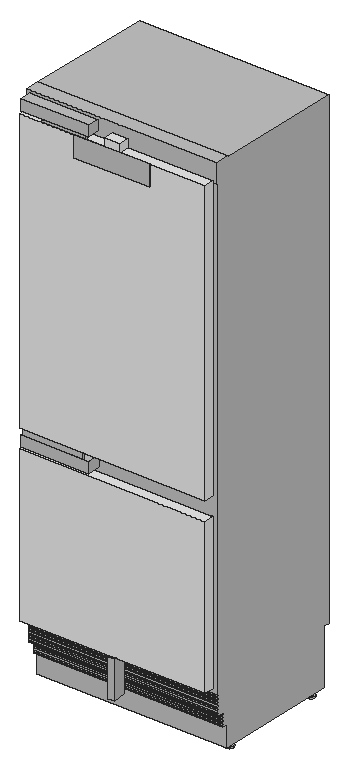
Revit family "FP_Revit_18_RS3084WLU1_Fridge_90001081A", category Specialty Equipment, Revit 2018 (continued)
Definition of nested family "Handle Professional Square - Horizontal"
  Dimensions and locks
    plane 7 "RHS Standoff" to plane 5 "Product RHS" = 50 mm
    aligned and locked: level to plane 2
    aligned and locked: plane 5 "Product RHS" to Extrusion 1 sketch curve
    aligned and locked: Extrusion 1 sketch curve to plane 1 "Center (Front/Back)"
    aligned and locked: plane 1 "Center (Front/Back)" to Extrusion 1 sketch curve
    aligned and locked: Extrusion 1 sketch curve to plane 6 "LHS Standoff"
    aligned and locked: Extrusion 1 sketch curve to plane 7 "RHS Standoff"
    aligned and locked: plane 7 "RHS Standoff" to Extrusion 2
    aligned and locked: Extrusion 2 to plane 6 "LHS Standoff"
    aligned and locked: plane 5 "Product RHS" to Extrusion 7 sketch curve
    aligned and locked: Extrusion 7 sketch curve to plane 7 "RHS Standoff"
    aligned and locked: plane 6 "LHS Standoff" to Extrusion 7 sketch curve
    aligned and locked: plane 4 "Product LHS" to Extrusion 7 sketch curve
    aligned and locked: Extrusion 7 sketch curve to plane 1 "Center (Front/Back)"
    aligned and locked: plane 1 "Center (Front/Back)" to Extrusion 7 sketch curve
  Automatic sketch dimensions
    Extrusion 1 sketch curve to plane 4 "Product LHS" = 0 mm
    Extrusion 1 sketch curve to plane 4 "Product LHS" = 10 mm
    plane 5 "Product RHS" to Extrusion 1 sketch curve = 10 mm
    Extrusion 1 sketch curve to Extrusion 1 sketch curve = 40 mm  (x2)
    level to Extrusion 2 sketch curve = 0 mm
    plane 1 "Center (Front/Back)" to Extrusion 2 sketch curve = 61.313 mm
    Extrusion 2 sketch curve to Extrusion 2 sketch curve = 13.513 mm
    Extrusion 2 sketch curve to Extrusion 2 sketch curve = 1.328 mm  (x4)
    Extrusion 2 sketch curve to Extrusion 2 sketch curve = 9.684 mm  (x2)
    Extrusion 2 sketch curve to Extrusion 2 sketch curve = 14.172 mm
    Sweep 3 sketch curve to profile plane = 0 mm  (x2)
    Sweep 3 sketch curve to profile plane = 2.5 mm  (x2)
    Sweep 4 sketch curve to profile plane = 0 mm  (x2)
    Sweep 4 sketch curve to profile plane = 2.5 mm  (x2)
    profile plane to Sweep 5 sketch curve = 0 mm
    Sweep 5 sketch curve to profile plane = 0 mm
    Sweep 5 sketch curve to profile plane = 2.5 mm  (x2)
    profile plane to Sweep 6 sketch curve = 0 mm
    Sweep 6 sketch curve to profile plane = 0 mm
    Sweep 6 sketch curve to profile plane = 2.5 mm  (x2)
    Extrusion 7 sketch curve to plane 4 "Product LHS" = 10 mm
    plane 5 "Product RHS" to Extrusion 7 sketch curve = 10 mm
    plane 1 "Center (Front/Back)" to Extrusion 7 sketch curve = 32 mm
    plane 1 "Center (Front/Back)" to Extrusion 7 sketch curve = 40 mm
Definition of nested family "Visibility Control Note 18"
  Types (3): name
    New
    Resolved
    Active
  Reference planes
    plane 1: y = 0
    plane 2: x = 0
  Text (mm)
    text "Edit Type: \nTo control handle kit \nand door panel visibility\n options\n\nDelete unwanted kits \nto reduce file size" at (-0.165, 35.556, 0)
Types (3, lengths in mm): name | Model | Description
  (no name) | "RS3084WLU1" | "30\" Integrated Column Freezer with internal Ice & Water, White Interior"
  RS3084WLU1 | "RS3084WLU1" | "30\" Integrated Column Freezer with internal Ice & Water, White Interior"
  RS3084WLUK1 | "RS3084WLUK1" | "30\" Integrated Column Freezer with internal Ice & Water, SS Interior"
